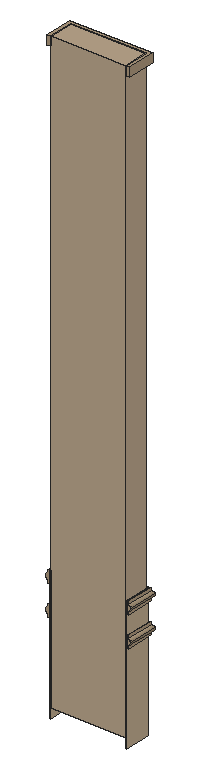
Revit family "GEN_A3-671-MIDDLE-DV", category Columns, Revit 2016
Family settings
  Cut with Voids When Loaded = No
  Automatically joins geometry to walls = Yes
  Shared = No
  Show family pre-cut in plan views = Yes
Parameters (values of type "646-DS-C-85")
  STEP = 0 mm
  NIB WIDTH = 690 mm
  NIB = 230 mm
  Assembly Code = ""
Reference planes
  plane 1 "Center (Front/Back)": y = 20
  plane 2: z = 0
  plane 3 "Center (Left/Right)": x = -20
  plane 4 "Left": x = -250
  plane 5 "Right": x = 440
  plane 6 "Back": y = 250
  plane 7 "Front": y = -440
  plane 8: z = 0
  plane 9: z = 850
  plane 10: z = 1020
Forms (mm)
  Extrusion 1, solid, material "-WALL"
    sketch origin (0, 0, 0) x (1, 0, 0) y (0, 1, 0)
      loop
        line (-250, 20) -> (440, 20) -> (440, 250) -> (-250, 250) -> (-250, 20)
    from 0 to 5525
  Sweep 2, solid, material "-CORBEL"
    path origin (-101.756, 0, 5525) x (1, 0, 0) y (0, 1, 0)
      loop
        line (541.756, 20) -> (541.756, 250) -> (-148.244, 250) -> (-148.244, 20)
    profile "HEADER : HEADER" origin (-250, 135, 5525) x (1, 0, 0) y (0, 0, 1)
      loop
        line (0, -85) -> (0, 0) -> (-35, 0) -> (-35, -85) -> (0, -85)
  Sweep 3, solid, material "-CORBEL"
    path origin (-1690.302, 0, 825) x (0, 1, 0) y (-1, 0, 0)
      loop
        line (20, -2140.302) -> (260, -2140.302) -> (260, -1430.302) -> (20, -1430.302)
    profile "MOKOKA wrap : MOKOKA wrap" origin (450, 140, 825) x (-1, 0, 0) y (0, 0, 1)
      loop
        line (-15, 25) -> (-15, 0)
        arc (-15, 0) -> (-29.542, -11.972) -> (-35, -30) r 32.5
        arc (-35, -30) -> (-29.542, -48.028) -> (-15, -60) r 32.5
        line (-15, -60) -> (-15, -85) -> (0, -85) -> (0, 25) -> (-15, 25)
  Extrusion 4, solid, material "-STONE PLINTH"
    sketch origin (0, 0, 0) x (1, 0, 0) y (0, 1, 0)
      loop
        line (-250, 250) -> (440, 250) -> (440, 20) -> (450, 20) -> (450, 260) -> (-260, 260) -> (-260, 20) -> (-250, 20) -> (-250, 250)
    from -85 to 1130
  Sweep 5, solid, material "-CORBEL"
    path origin (-1690.302, 0, 1105) x (0, 1, 0) y (-1, 0, 0)
      loop
        line (20, -2140.302) -> (260, -2140.302) -> (260, -1430.302) -> (20, -1430.302)
    profile "MOKOKA wrap : MOKOKA wrap" origin (450, 140, 1105) x (-1, 0, 0) y (0, 0, 1)
      loop
        line (-15, 25) -> (-15, 0)
        arc (-15, 0) -> (-29.542, -11.972) -> (-35, -30) r 32.5
        arc (-35, -30) -> (-29.542, -48.028) -> (-15, -60) r 32.5
        line (-15, -60) -> (-15, -85) -> (0, -85) -> (0, 25) -> (-15, 25)
Dimensions and locks
  "NIB WIDTH": plane 4 "Left" to plane 5 "Right"
  "NIB WIDTH": plane 7 "Front" to plane 6 "Back"
  "NIB": plane 1 "Center (Front/Back)" to plane 6 "Back"
  "NIB": plane 4 "Left" to plane 3 "Center (Left/Right)"
  "STEP": plane 8 to level
  level to plane 9 to plane 10 = 850 mm locked, 170 mm locked
  aligned and locked: Extrusion 1 sketch curve to plane 4 "Left"
  aligned and locked: Extrusion 1 sketch curve to plane 6 "Back"
  aligned and locked: Extrusion 1 sketch curve to plane 5 "Right"
  aligned and locked: Extrusion 1 sketch curve to plane 1 "Center (Front/Back)"
  aligned and locked: level to Extrusion 1
  aligned and locked: plane 8 to Extrusion 1
  aligned and locked: Sweep 5 to Extrusion 4
  aligned and locked: plane 9 to Sweep 3
Automatic sketch dimensions
  Sweep 5 sketch curve to plane 1 "Center (Front/Back)" = 0 mm  (x2)
  Sweep 5 sketch curve to plane 6 "Back" = 10 mm
  Sweep 5 sketch curve to plane 5 "Right" = 10 mm
  plane 4 "Left" to Sweep 5 sketch curve = 10 mm
  Sweep 3 sketch curve to plane 1 "Center (Front/Back)" = 0 mm  (x2)
  Sweep 3 sketch curve to plane 6 "Back" = 10 mm
  Sweep 3 sketch curve to plane 5 "Right" = 10 mm
  plane 4 "Left" to Sweep 3 sketch curve = 10 mm
  Extrusion 4 sketch curve to plane 1 "Center (Front/Back)" = 0 mm  (x2)
  Extrusion 4 sketch curve to plane 4 "Left" = 0 mm
  Extrusion 4 sketch curve to plane 5 "Right" = 0 mm
  Extrusion 4 sketch curve to plane 6 "Back" = 0 mm
  Extrusion 4 sketch curve to Extrusion 4 sketch curve = 10 mm
  Extrusion 4 sketch curve to plane 5 "Right" = 10 mm
  Extrusion 4 sketch curve to plane 6 "Back" = 10 mm
  Sweep 2 sketch curve to plane 4 "Left" = 0 mm
  Sweep 2 sketch curve to plane 5 "Right" = 0 mm
  Sweep 2 sketch curve to plane 1 "Center (Front/Back)" = 0 mm  (x2)
  Sweep 2 sketch curve to plane 6 "Back" = 0 mm
